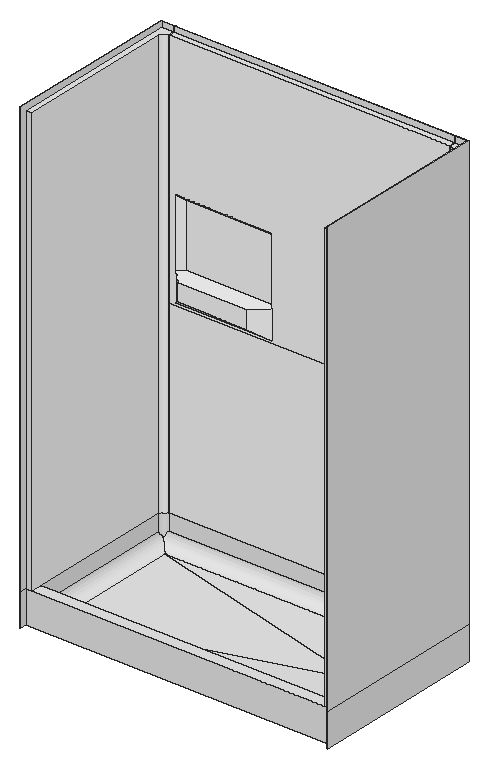
Revit family "5LDS5430", category Plumbing Fixtures, Revit 2014
Parameters (values of type "5LDS5430")
  Unit Width = 4' - 6"
  Unit Height = 6' - 10"
  URL = "http://www.best-bath.com/"
  Type Comments = "Remodeler"
  Model = "5LDS5430"
  Material [instance] = Best Bath Gelcoat Fiberglass - Diamond Tile
  Manufacturer = "Best Bath Systems, Inc."
  Keynote = "22 40 00.B3"
  Description = "Diamond Tile Finish"
  Assembly Code = "D2010710"
Reference planes (in)
  plane 1 "Back": y = -0.5
  plane 2: z = 0
  plane 3 "Left": x = 0
  plane 4: x = 54
  plane 5: y = -30.5
  plane 6: z = 81
  plane 7: z = 0.75
  plane 8: z = 82
  plane 9: x = 45.5
  plane 10: y = -1.75
  plane 11: y = -14.5
  plane 12: z = 0.375
  plane 13: z = 5.75
  plane 14: z = 38.875
  plane 15: y = -31.5
  plane 16: z = 44.375
Forms (in)
  Extrusion 1, solid, material "Best Bath Gelcoat Fiberglass - Smooth"
    sketch origin (0, 0, 0) x (1, 0, 0) y (0, 1, 0)
      loop
        line (0, -0.5) -> (0, -30.5) -> (54, -30.5) -> (54, -0.5) -> (0, -0.5)
      loop
        circle (45.5, -14.5) r 2.0625
    from 0 to 0.75
  Extrusion 2, solid, material "Best Bath Gelcoat Fiberglass - Smooth"
    sketch origin (0, 0, 0) x (1, 0, 0) y (0, 1, 0)
      loop
        line (2.25, -0.5) -> (2.25, -1.75) -> (51.75, -1.75) -> (51.75, -0.5) -> (2.25, -0.5)
    from 5.75 to 38.875
  Extrusion 3, solid, material "Best Bath Gelcoat Fiberglass - Smooth"
    sketch origin (0, 0, 0) x (1, 0, 0) y (0, 1, 0)
      loop
        line (0, -30.5) -> (1.25, -30.5) -> (1.25, -2.75)
        arc (1.25, -2.75) -> (1.54289, -2.04289) -> (2.25, -1.75) r 1
        line (2.25, -1.75) -> (51.75, -1.75)
        arc (51.75, -1.75) -> (52.45711, -2.04289) -> (52.75, -2.75) r 1
        line (52.75, -2.75) -> (52.75, -30.5) -> (54, -30.5) -> (54, -0.5) -> (0, -0.5) -> (0, -30.5)
    from 0 to 5.75
  Extrusion 4, solid, material "Best Bath Gelcoat Fiberglass - Smooth"
    sketch origin (0, 0, 0) x (1, 0, 0) y (0, 1, 0)
      loop
        line (0, -30.5) -> (1.25, -30.5) -> (1.25, -2.75)
        arc (1.25, -2.75) -> (1.54289, -2.04289) -> (2.25, -1.75) r 1
        line (2.25, -1.75) -> (2.25, -0.5) -> (0, -0.5) -> (0, -30.5)
      loop
        line (54, -30.5) -> (54, -0.5) -> (51.75, -0.5) -> (51.75, -1.75)
        arc (51.75, -1.75) -> (52.45711, -2.04289) -> (52.75, -2.75) r 1
        line (52.75, -2.75) -> (52.75, -30.5) -> (54, -30.5)
    from 5.75 to 81
  Sweep 5, solid, material "Best Bath Gelcoat Fiberglass - Smooth"
    path origin (0, 0, 0) x (1, 0, 0) y (0, 1, 0)
      loop
        line (1.25, -30.5) -> (1.25, -1.75) -> (52.75, -1.75) -> (52.75, -30.5)
    profile origin (1.25, -16.125, 0) x (-1, 0, 0) y (0, 0, 1)
      loop
        line (0, 0.75) -> (0, 3)
        arc (0, 3) -> (-0.65901, 1.40901) -> (-2.25, 0.75) r 2.25
        line (-2.25, 0.75) -> (0, 0.75)
  Blend 6, void
    base sketch origin (0, 0, 0) x (1, 0, 0) y (0, 1, 0)
      loop
        line (3.5, -27.5) -> (50.5, -27.5) -> (50.5, -4) -> (3.5, -4) -> (3.5, -27.5)
    top sketch origin (0, 0, 0) x (1, 0, 0) y (0, 1, 0)
      loop
        circle (45.5, -14.5) r 0.07155
    from 0.75 to 0.375
  Extrusion 7, solid, material "Best Bath Gelcoat Fiberglass - Smooth"
    sketch origin (0, 0, 0) x (1, 0, 0) y (0, 1, 0)
      loop
        line (2.25, -0.5) -> (2.25, -1.75) -> (51.75, -1.75) -> (51.75, -0.5) -> (2.25, -0.5)
    from 38.875 to 81
  Sweep 8, solid, material "Best Bath Gelcoat Fiberglass - Smooth"
    path origin (0, 0, 0) x (1, 0, 0) y (0, 1, 0)
      loop
        line (1.25, -30.5) -> (52.75, -30.5)
    profile origin (27, -30.5, 0) x (0, 1, 0) y (0, 0, 1)
      loop
        line (0, 0) -> (3.15, 0) -> (2, 5.75) -> (0, 5.75) -> (0, 0)
  Extrusion 9, solid, material "Best Bath Gelcoat Fiberglass - Smooth"
    sketch origin (0, 0, 0) x (1, 0, 0) y (0, 1, 0)
      loop
        line (0.125, -31.5) -> (0.125, -30.5) -> (0, -30.5) -> (0, -31.5) -> (0.125, -31.5)
      loop
        line (53.875, -31.5) -> (54, -31.5) -> (54, -30.5) -> (53.875, -30.5) -> (53.875, -31.5)
    from 0 to 5.75
  Extrusion 10, solid, material "Best Bath Gelcoat Fiberglass - Smooth"
    sketch origin (0, 0, 0) x (1, 0, 0) y (0, 1, 0)
      loop
        line (2.25, -0.5) -> (2.25, -0.625) -> (51.75, -0.625) -> (51.75, -0.5) -> (2.25, -0.5)
    from 81 to 82
  Extrusion 11, solid, material "Best Bath Gelcoat Fiberglass - Smooth"
    sketch origin (0, 0, 0) x (1, 0, 0) y (0, 1, 0)
      loop
        line (0, -31.5) -> (0.125, -31.5) -> (0.125, -0.625) -> (2.25, -0.625) -> (2.25, -0.5) -> (0, -0.5) -> (0, -31.5)
      loop
        line (54, -31.5) -> (54, -0.5) -> (51.75, -0.5) -> (51.75, -0.625) -> (53.875, -0.625) -> (53.875, -31.5) -> (54, -31.5)
    from 5.75 to 82
  Blend 12, solid, material "Best Bath Gelcoat Fiberglass - Smooth"
    base sketch origin (-5.5, -38, 0.375) x (1, 0, 0) y (0, 0, 1)
      loop
        line (56, 44) -> (39, 44) -> (39, 39) -> (56, 39) -> (56, 44)
    top sketch origin (-5.5, -38, 0.375) x (1, 0, 0) y (0, 0, 1)
      loop
        line (41.375, 44) -> (41.375, 41) -> (53.625, 41) -> (53.625, 44) -> (41.375, 44)
    from -36.25 to -33.75
  Blend 13, solid, material "Best Bath Gelcoat Fiberglass - Smooth"
    base sketch origin (-35.5, -38, 0.375) x (1, 0, 0) y (0, 0, 1)
      loop
        line (56, 44) -> (39, 44) -> (39, 39) -> (56, 39) -> (56, 44)
    top sketch origin (-35.5, -38, 0.375) x (1, 0, 0) y (0, 0, 1)
      loop
        line (41.375, 44) -> (41.375, 41) -> (53.625, 41) -> (53.625, 44) -> (41.375, 44)
    from -36.25 to -33.75
  Blend 14, void
    base sketch origin (-5.5, -38.5, 0.375) x (1, 0, 0) y (0, 0, 1)
      loop
        line (39, 44) -> (56, 44) -> (56, 56) -> (39, 56) -> (39, 44)
    top sketch origin (-5.5, -38.5, 0.375) x (1, 0, 0) y (0, 0, 1)
      loop
        line (40, 44) -> (55, 44) -> (55, 55) -> (40, 55) -> (40, 44)
    from -36.75 to -37.75
  Blend 15, void
    base sketch origin (-35.5, -38.5, 0.375) x (1, 0, 0) y (0, 0, 1)
      loop
        line (39, 44) -> (56, 44) -> (56, 56) -> (39, 56) -> (39, 44)
    top sketch origin (-35.5, -38.5, 0.375) x (1, 0, 0) y (0, 0, 1)
      loop
        line (40, 44) -> (55, 44) -> (55, 55) -> (40, 55) -> (40, 44)
    from -36.75 to -37.75
Cuts and joins
  Blend 6 cuts Extrusion 1
  Blend 6 cuts Extrusion 3
  Blend 6 cuts Sweep 5
  joined: Extrusion 1, Extrusion 3, Sweep 5, Sweep 8, Extrusion 9
  Blend 14, Blend 15 cuts Extrusion 7
  Blend 14, Blend 15 cuts Extrusion 10
  Blend 14 cuts Blend 12
  joined: Extrusion 7, Extrusion 10, Blend 12, Blend 13
  Blend 14 cuts Extrusion 4
  Blend 14 cuts Extrusion 11
  joined: Extrusion 4, Extrusion 11
Dimensions and locks (in)
  "Unit Width": plane 3 "Left" to plane 4
  locked: plane 7 to level at 0.75
  locked: plane 8 to plane 6 at 1
  "Unit Height": plane 8 to level
  plane 3 "Left" to plane 9 to plane 4 = 3' - 9 1/2", 0' - 8 1/2"
  plane 1 "Back" to plane 11 = 1' - 2"
  plane 10 to plane 1 "Back" = 0' - 1 1/4"
  locked: plane 7 to plane 12 at 0.375
  locked: plane 14 to plane 13 at 33.125
  locked: plane 13 to level at 5.75
  locked: plane 5 to plane 15 at 1
  locked: plane 15 to plane 1 "Back" at 31
  locked: plane 16 to plane 14 at 5.5
  aligned and locked: level to plane 2
  aligned and locked: Extrusion 1 to plane 7
  aligned and locked: plane 5 to Extrusion 1 sketch curve
  aligned and locked: plane 4 to Extrusion 1 sketch curve
  aligned and locked: Extrusion 2 sketch curve to Extrusion 1
  aligned and locked: Extrusion 2 sketch curve to plane 10
  aligned and locked: plane 11 to Extrusion 1 sketch curve
  aligned and locked: plane 9 to Extrusion 1 sketch curve
  aligned and locked: plane 13 to Extrusion 3
  aligned and locked: Extrusion 2 to plane 13
  aligned and locked: Extrusion 4 to Extrusion 2
  aligned and locked: plane 6 to Extrusion 4
  aligned and locked: Sweep 5 sketch curve to plane 7
  aligned and locked: plane 11 to Blend 6 sketch curve
  aligned and locked: plane 9 to Blend 6 sketch curve
  aligned and locked: Blend 6 to plane 12
  aligned and locked: Extrusion 1 to Blend 6
  aligned and locked: plane 14 to Extrusion 2
  aligned and locked: Extrusion 7 to Extrusion 2
  aligned and locked: plane 6 to Extrusion 7
  aligned and locked: Extrusion 10 to plane 6
  aligned and locked: plane 8 to Extrusion 10
  aligned and locked: Extrusion 11 to Extrusion 2
  aligned and locked: plane 8 to Extrusion 11
  aligned and locked: plane 16 to Blend 12
  aligned and locked: plane 16 to Blend 13  (x2)
  aligned and locked: cut or joined group of Extrusion 7, Extrusion 10, Blend 12, Blend 13, Blend 14, Blend 15 to plane 16  (x2)
Automatic sketch dimensions
  Extrusion 1 sketch curve to plane 3 "Left" = 0' - 0"
  plane 1 "Back" to Extrusion 1 sketch curve = 0' - 0"
  Sweep 5 sketch curve to plane 10 = 0' - 0"
  plane 3 "Left" to Sweep 5 sketch curve = 0' - 1 1/4"
  Sweep 5 sketch curve to plane 5 = 0' - 0"  (x2)
  plane 4 to Sweep 5 sketch curve = 0' - 1 1/4"
  Sweep 5 sketch curve to profile plane = 0' - 0"
  profile plane to Sweep 5 sketch curve = 0' - 2 1/4"
  Sweep 8 sketch curve to plane 5 = 0' - 0"
  plane 3 "Left" to Sweep 8 sketch curve = 0' - 1 1/4"
  plane 4 to Sweep 8 sketch curve = 0' - 1 1/4"
  Sweep 8 sketch curve to profile plane = 0' - 0"
  Sweep 8 sketch curve to level = 0' - 0"
  level to Sweep 8 sketch curve = 0' - 5 3/4"
  Sweep 8 sketch curve to profile plane = 0' - 2"
  Sweep 8 sketch curve to profile plane = 0' - 3.15"
  plane 3 "Left" to Blend 6 sketch curve = 0' - 3 1/2"
  plane 5 to Blend 6 sketch curve = 0' - 3"
  plane 4 to Blend 6 sketch curve = 0' - 3 1/2"
  Blend 6 sketch curve to plane 10 = 0' - 2 1/4"
  Extrusion 9 sketch curve to plane 3 "Left" = 0' - 0"
  Extrusion 9 sketch curve to plane 5 = 0' - 0"  (x2)
  Extrusion 9 sketch curve to plane 15 = 0' - 0"  (x2)
  Extrusion 9 sketch curve to plane 4 = 0' - 0"
  plane 3 "Left" to Extrusion 9 sketch curve = 0' - 0 1/8"
  Extrusion 9 sketch curve to Extrusion 9 sketch curve = 0' - 0 1/8"
  Extrusion 4 sketch curve to plane 3 "Left" = 0' - 0"
  Extrusion 4 sketch curve to plane 5 = 0' - 0"  (x2)
  Extrusion 4 sketch curve to plane 10 = 0' - 0"  (x2)
  plane 1 "Back" to Extrusion 4 sketch curve = 0' - 0"  (x2)
  Extrusion 4 sketch curve to plane 4 = 0' - 0"
  plane 3 "Left" to Extrusion 4 sketch curve = 0' - 1 1/4"
  Extrusion 4 sketch curve to plane 10 = 0' - 1"
  Extrusion 4 sketch curve to Extrusion 4 sketch curve = 0' - 2 1/4"
  Extrusion 4 sketch curve to Extrusion 4 sketch curve = 0' - 1 1/4"
  plane 1 "Back" to Extrusion 7 sketch curve = 0' - 0"
  Extrusion 7 sketch curve to plane 10 = 0' - 0"
  plane 3 "Left" to Extrusion 7 sketch curve = 0' - 2 1/4"
  plane 4 to Extrusion 7 sketch curve = 0' - 2 1/4"
  plane 4 to Extrusion 2 sketch curve = 0' - 2 1/4"
  plane 3 "Left" to Extrusion 2 sketch curve = 0' - 2 1/4"
  Extrusion 3 sketch curve to plane 3 "Left" = 0' - 0"
  Extrusion 3 sketch curve to plane 5 = 0' - 0"  (x2)
  Extrusion 3 sketch curve to plane 10 = 0' - 0"
  Extrusion 3 sketch curve to plane 4 = 0' - 0"
  plane 1 "Back" to Extrusion 3 sketch curve = 0' - 0"
  plane 3 "Left" to Extrusion 3 sketch curve = 0' - 1 1/4"
  Extrusion 3 sketch curve to Extrusion 3 sketch curve = 0' - 1"
  Extrusion 3 sketch curve to plane 10 = 0' - 1"
  plane 4 to Extrusion 3 sketch curve = 0' - 2 1/4"
  plane 1 "Back" to Extrusion 10 sketch curve = 0' - 0"
  plane 3 "Left" to Extrusion 10 sketch curve = 0' - 2 1/4"
  plane 4 to Extrusion 10 sketch curve = 0' - 2 1/4"
  plane 1 "Back" to Extrusion 10 sketch curve = 0' - 0 1/8"
  Extrusion 11 sketch curve to plane 3 "Left" = 0' - 0"
  Extrusion 11 sketch curve to plane 15 = 0' - 0"  (x2)
  plane 1 "Back" to Extrusion 11 sketch curve = 0' - 0"  (x2)
  Extrusion 11 sketch curve to plane 4 = 0' - 0"
  plane 3 "Left" to Extrusion 11 sketch curve = 0' - 0 1/8"
  plane 1 "Back" to Extrusion 11 sketch curve = 0' - 0 1/8"  (x2)
  Extrusion 11 sketch curve to Extrusion 11 sketch curve = 0' - 2 1/8"
  Extrusion 11 sketch curve to Extrusion 11 sketch curve = 0' - 2 1/4"
  Extrusion 11 sketch curve to Extrusion 11 sketch curve = 0' - 0 1/8"
  Blend 12 sketch curve to plane 16 = 0' - 0"  (x2)
  plane 9 to Blend 12 sketch curve = 1' - 0"
  plane 14 to Blend 12 sketch curve = 0' - 0 1/2"
  plane 4 to Blend 12 sketch curve = 0' - 3 1/2"
  plane 14 to Blend 12 sketch curve = 0' - 2 1/2"
  plane 9 to Blend 12 sketch curve = 0' - 9 5/8"
  Blend 12 sketch curve to plane 9 = 0' - 2 5/8"
  Blend 13 sketch curve to plane 16 = 0' - 0"  (x2)
  plane 3 "Left" to Blend 13 sketch curve = 0' - 3 1/2"
  plane 14 to Blend 13 sketch curve = 0' - 0 1/2"
  Blend 13 sketch curve to Blend 13 sketch curve = 1' - 5"
  plane 14 to Blend 13 sketch curve = 0' - 2 1/2"
  plane 3 "Left" to Blend 13 sketch curve = 0' - 5 7/8"
  Blend 13 sketch curve to Blend 13 sketch curve = 1' - 0 1/4"
  Blend 14 sketch curve to plane 16 = 0' - 0"  (x2)
  plane 9 to Blend 14 sketch curve = 1' - 0"
  plane 4 to Blend 14 sketch curve = 0' - 3 1/2"
  plane 16 to Blend 14 sketch curve = 1' - 0"
  plane 9 to Blend 14 sketch curve = 0' - 11"
  Blend 14 sketch curve to plane 9 = 0' - 4"
  Blend 14 sketch curve to Blend 14 sketch curve = 0' - 11"
  plane 3 "Left" to Blend 15 sketch curve = 0' - 3 1/2"
  Blend 15 sketch curve to Blend 15 sketch curve = 1' - 5"
  plane 16 to Blend 15 sketch curve = 0' - 0"  (x2)
  Blend 15 sketch curve to Blend 15 sketch curve = 1' - 0"
  plane 3 "Left" to Blend 15 sketch curve = 0' - 4 1/2"
  Blend 15 sketch curve to Blend 15 sketch curve = 1' - 3"
  Blend 15 sketch curve to Blend 15 sketch curve = 0' - 11"
  radius of Extrusion 1 sketch curve = 0' - 2 1/16"
  radius of Blend 6 sketch curve = 0' - 0.07155"
